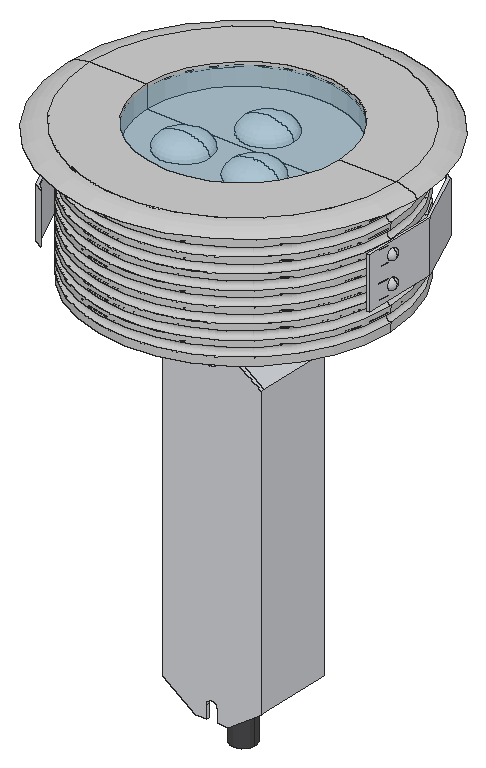
Revit family "SLIM INGROUND 6W SIMETRICO_LKB0326WW.30", category Luminarias, Revit 2019
Family settings
  Cota de conector redondo = Diámetro de uso
  Tipo de pieza = Normal
  Se basa en plano de trabajo = Sí
  Siempre vertical = No
  Corte con vacíos al cargar = No
  Origen de luz = Sí
  Compartido = No
  Punto de cálculo de habitación = No
Parameters (values of type "EMP_LKB0326WW.30")
  Ángulo de inclinación = 30.00°
  Ángulo de enfoque = 30.00°
  Ángulo de campo de foco = 30.00°
  Zone [instance] = ""
  Watt per fixture = 6.2
  Wattage = 6.2 W
  built-in parameter 1150107 = 3000 (stored number, unit not read)
  built-in parameter 1150110 = 1 (stored number, unit not read)
  built-in parameter 1150109 = 1 (stored number, unit not read)
  built-in parameter 1150112 = 1 (stored number, unit not read)
  built-in parameter 1150113 = 1 (stored number, unit not read)
  built-in parameter 1114218 = 1 (stored number, unit not read)
  Keynote = ""
  built-in parameter 1150137 = (empty or 0)
  built-in parameter 1150132 = (empty or 0)
  Modelo = "LKB0326WW.30"
  Lámpara = "OSRAM"
  Longitud de símbolo de origen de luz = 500 mm
  built-in parameter 1150105 = 2507.4 (stored number, unit not read)
  built-in parameter 1150102 = (empty or 0)
  built-in parameter 1150106 = 25.074 (stored number, unit not read)
  Lumens = 387.996 lm
  Color Filter = 16777215
  built-in parameter 1114217 = 1 (stored number, unit not read)
  built-in parameter 1150139 = (empty or 0)
  Fabricante = "BRILLANT"
  Default Elevation = 0 mm
  built-in parameter 1150104 = 5.8139 (stored number, unit not read)
  Descripción = "LUMINARIA TIPO CIRCULAR PARA EMPOTRAR EN PISO CON CUERPO DE ALUMINIO FUNDIDO A PRESION CUBIERTO CON POLVO GRIS OSCURO, CON CUBIERTA DE ACERO INOXIDABLE Y VIDRIO TEMPLADO DE 8MM, CON 116MM DE DIAMETRO Y 38MM DE PROFUNDIDAD, INSTALACION EMPOTRABLE EN PISO CON POCO ESPACIO, USO PARA INTERIORES COMO EXTERIORES CON IP 67, CUENTA CON 3 LED TIPO OSRAM CON UNA POTENCIA TOTAL DE 6.2W, A UNA TEMPERATURA EN BLANCO CALIDO 3000K CON 388 LUMENES, 89mA EN CORRIENTE DE OPERACIÓN, IK08, IRC 80, DISPONIBLE PARA ATENUAR EN TRIAC, APERTURA A 30 GRADOS EN STOCK, FUENTE REMOTA (INCLUIDA) CON 97MM DE LARGO POR 25MM DE ALTO POR 33MM DE ANCHO, ALIMENTADA A 100-240V."
  built-in parameter 1150115 = 1 (stored number, unit not read)
  built-in parameter 1150114 = 1 (stored number, unit not read)
  Comentarios de vataje = "100-240V"
  built-in parameter 1150138 = (empty or 0)
  built-in parameter 1150134 = (empty or 0)
  Circuit [instance] = ""
  Dimming Lamp Color Temperature Shift = (empty or 0)
  built-in parameter 1150133 = 10 (stored number, unit not read)
Reference planes
  plane 1 "Centro (Frontal/Posterior)": y = 0
  plane 2: z = 0
  plane 3 "Centro (Izquierda/Derecha)": x = 0
  plane 4: z = -38
  plane 5: z = -43
Forms (mm)
  Revolve 1, solid, material "Acero Inoxidable"
    sketch origin (0, 0, 0) x (1, 0, 0) y (0, 0, 1)
      loop
        line (-32.356, 2.379) -> (-51.186, 2.379)
        arc (-51.186, 2.379) -> (-54.974, 1.769) -> (-58.379, 0) r 12.065
        line (-58.379, 0) -> (-49.379, 0) -> (-49.379, -7.422)
        arc (-49.379, -7.422) -> (-47.881, -8.92) -> (-49.379, -10.419) r 1.499
        line (-49.379, -10.419) -> (-49.379, -12.422)
        arc (-49.379, -12.422) -> (-47.881, -13.92) -> (-49.379, -15.419) r 1.499
        line (-49.379, -15.419) -> (-49.379, -17.422)
        arc (-49.379, -17.422) -> (-47.881, -18.92) -> (-49.379, -20.419) r 1.499
        line (-49.379, -20.419) -> (-49.379, -22.422)
        arc (-49.379, -22.422) -> (-47.881, -23.92) -> (-49.379, -25.419) r 1.499
        line (-49.379, -25.419) -> (-49.379, -27.422)
        arc (-49.379, -27.422) -> (-47.881, -28.92) -> (-49.379, -30.419) r 1.499
        line (-49.379, -30.419) -> (-49.379, -32.422)
        arc (-49.379, -32.422) -> (-47.881, -33.92) -> (-49.379, -35.419) r 1.499
        line (-49.379, -35.419) -> (-49.379, -37.422)
        arc (-49.379, -37.422) -> (-47.881, -38.92) -> (-49.379, -40.419) r 1.499
        line (-49.379, -40.419) -> (-49.379, -43) -> (0, -43) -> (0, -5.045) -> (-32.356, -5.045) -> (-32.356, 2.379)
      axis (0, 2.379) -> (0, -43)
    angle from 0 to 360
  Extrusion 2, solid, material "Cristal"
    sketch origin (0, 0, 0) x (1, 0, 0) y (0, 1, 0)
      loop
        circle (0, 0) r 32.356
    from 0.921 to 1.499
  Revolve 3, solid
    sketch origin (93.878, -10.202, -77.173) x (-1, 0, 0) y (0, 0, 1)
      loop
        line (105.714, 77.128) -> (105.714, 72.128) -> (114.371, 72.128)
        spline (114.371, 72.128) -> (114.297, 72.781) -> (114.076, 73.422) -> (113.712, 74.042) -> (113.211, 74.628) -> (112.582, 75.172) -> (111.835, 75.664) -> (110.984, 76.095) -> (110.043, 76.458) -> (109.027, 76.748) -> (107.955, 76.958) -> (106.844, 77.085) -> (105.714, 77.128)
      axis (105.714, 72.128) -> (105.714, 77.128)
    angle from 0 to 360
  Revolve 4, solid
    sketch origin (-93.878, -10.202, -77.173) x (1, 0, 0) y (0, 0, 1)
      loop
        line (105.714, 77.128) -> (105.714, 72.128) -> (114.371, 72.128)
        spline (114.371, 72.128) -> (114.297, 72.781) -> (114.076, 73.422) -> (113.712, 74.042) -> (113.211, 74.628) -> (112.582, 75.172) -> (111.835, 75.664) -> (110.984, 76.095) -> (110.043, 76.458) -> (109.027, 76.748) -> (107.955, 76.958) -> (106.844, 77.085) -> (105.714, 77.128)
      axis (105.714, 72.128) -> (105.714, 77.128)
    angle from 0 to 360
  Revolve 5, solid
    sketch origin (-105.714, 10.202, -77.173) x (1, 0, 0) y (0, 0, -1)
      loop
        spline (105.714, -77.128) -> (106.844, -77.085) -> (107.955, -76.958) -> (109.027, -76.748) -> (110.043, -76.458) -> (110.984, -76.095) -> (111.835, -75.664) -> (112.582, -75.172) -> (113.211, -74.628) -> (113.712, -74.042) -> (114.076, -73.422) -> (114.297, -72.781) -> (114.371, -72.128)
        line (114.371, -72.128) -> (105.714, -72.128) -> (105.714, -77.128)
      axis (105.714, -72.128) -> (105.714, -77.128)
    angle from 0 to 360
  Extrusion 6, solid
    sketch origin (0, 0, 0) x (1, 0, 0) y (0, 1, 0)
      loop
        line (49.379, -10) -> (50.179, -10) -> (50.179, 15.17) -> (41.455, 34.765) -> (38.597, 36.492) -> (40.785, 34.304) -> (49.379, 15) -> (49.379, -10)
      loop
        line (-49.379, 10) -> (-50.179, 10) -> (-50.179, -15.17) -> (-41.455, -34.765) -> (-38.597, -36.492) -> (-40.785, -34.304) -> (-49.379, -15) -> (-49.379, 10)
    from -32.422 to -15.419
  Revolve 7, solid
    sketch origin (-21.949, -0.827, -124.707) x (0, 0, 1) y (-1, 0, 0)
      loop
        arc (105.714, -73.907) -> (106.972, -73.386) -> (107.494, -72.128) r 1.779
        line (107.494, -72.128) -> (105.714, -72.128) -> (105.714, -73.907)
      axis (105.714, -72.128) -> (105.714, -73.907)
    angle from 0 to 360
  Revolve 8, solid
    sketch origin (-21.949, -0.827, -133.613) x (0, 0, 1) y (-1, 0, 0)
      loop
        arc (105.714, -73.907) -> (106.972, -73.386) -> (107.494, -72.128) r 1.779
        line (107.494, -72.128) -> (105.714, -72.128) -> (105.714, -73.907)
      axis (105.714, -72.128) -> (105.714, -73.907)
    angle from 0 to 360
  Revolve 9, solid
    sketch origin (21.949, -0.827, -124.707) x (0, 0, 1) y (-1, 0, 0)
      loop
        line (105.714, 73.907) -> (105.714, 72.128) -> (107.494, 72.128)
        arc (107.494, 72.128) -> (106.972, 73.386) -> (105.714, 73.907) r 1.779
      axis (105.714, 72.128) -> (105.714, 73.907)
    angle from 0 to 360
  Revolve 10, solid
    sketch origin (21.949, -0.827, -133.613) x (0, 0, 1) y (-1, 0, 0)
      loop
        line (105.714, 73.907) -> (105.714, 72.128) -> (107.494, 72.128)
        arc (107.494, 72.128) -> (106.972, 73.386) -> (105.714, 73.907) r 1.779
      axis (105.714, 72.128) -> (105.714, 73.907)
    angle from 0 to 360
  Extrusion 11, solid
    sketch origin (0, 0, 0) x (1, 0, 0) y (0, 1, 0)
      loop
        line (-16.5, 12.961) -> (-16.5, -12.039) -> (16.5, -12.039) -> (16.5, 12.961) -> (-16.5, 12.961)
    from -163.604 to -66.792
  Extrusion 12, solid, material "Plastico"
    sketch origin (0, 0, 0) x (1, 0, 0) y (0, 1, 0)
      loop
        circle (0, 0) r 3.943
    from -66.792 to -43
  Extrusion 13, solid, material "Plastico"
    sketch origin (0, 0, 0) x (1, 0, 0) y (0, 1, 0)
      loop
        circle (0, 0) r 3.943
    from -183.076 to -163.604
  Extrusion 14, solid
    sketch origin (0, 0, 0) x (1, 0, 0) y (0, 1, 0)
      loop
        line (0, 5) -> (-4.33, 2.5) -> (-4.33, -2.5) -> (0, -5) -> (4.33, -2.5) -> (4.33, 2.5) -> (0, 5)
    from -167.291 to -64.236
  Extrusion 15, solid
    sketch origin (0, 0, 0) x (1, 0, 0) y (0, 0, 1)
      loop
        line (-16.5, -66.792) -> (-16.5, -163.604) -> (-5.388, -171.384) -> (-1.803, -171.384) -> (-1.803, -167.031)
        arc (-1.803, -167.031) -> (0, -165.228) -> (1.803, -167.031) r 1.803
        line (1.803, -167.031) -> (1.803, -171.384) -> (5.388, -171.384) -> (16.5, -163.604) -> (16.5, -66.792) -> (5.388, -59.012) -> (1.803, -59.012) -> (1.803, -63.365)
        arc (1.803, -63.365) -> (0, -65.168) -> (-1.803, -63.365) r 1.803
        line (-1.803, -63.365) -> (-1.803, -59.012) -> (-5.388, -59.012) -> (-16.5, -66.792)
    from 12.039 to 13.095
Cuts and joins
  joined: Extrusion 11, Extrusion 15
Dimensions and locks
  plane 2 to plane 5 = 43 mm
  Revolve 1 sketch curve to Revolve 1 sketch curve = 58.379 mm
  Extrusion 11 to Extrusion 11 = 96.811 mm
  Extrusion 11 to Extrusion 11 = 33 mm
  aligned and locked: level to plane 2
Connectors
  electrical at (0, 0, -183.076)
    settings: on Extrusion 13, index 1, voltage 240 V, apparent load 0 VA, apparent load phase1 0 VA, apparent load phase2 0 VA, apparent load phase3 0 VA, power factor 1, load classification "Otro", number of poles 1, system type 31, power factor state 1, is connector primary yes, connector utility no, sub classification motor no, connector description ""
